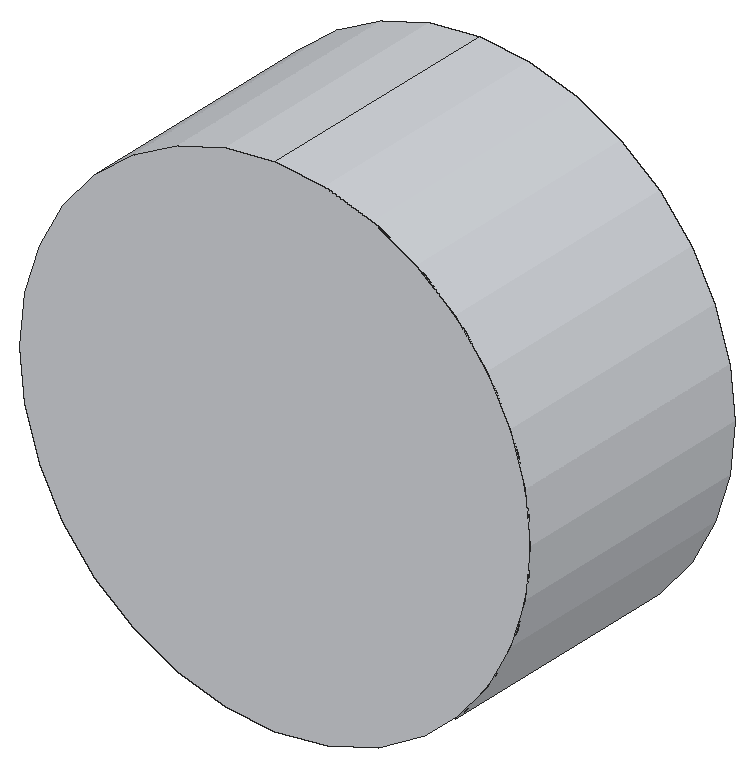
Revit family "UF-060-302_CE20ZA54", category Equipement spécialisé, Revit 2021
Family settings
  Cote de connecteur circulaire = Utiliser le diamètre
  Type d'élément = Normal
  Numéro OmniClass = 23.85.50.31.11
  Titre OmniClass = Door Entry Telephones
  Basée sur le plan de construction = Non
  Toujours verticalement = Oui
  Couper avec des vides une fois chargée = Non
  Partagée = Non
  Point de calcul de pièce = Non
Parameters (values of type "CLAVIER CODE")
  URL = "https://www.urmet.fr/clavier+22+codes+zamac+anthracite+ce20za54-6381"
  Modèle = "CE20ZA54"
  Fabricant = "URMET"
  Elévation par défaut = 0 mm
  Description = "CLAVIER CODE ZAMAK ANTHRACITE"
Reference planes
  plane 1 "Centre (avant/arrière)": y = 0
  plane 2: z = 0
  plane 3 "Centre (gauche/droite)": x = 0
Forms (mm)
  Extrusion 1, solid
    sketch origin (0, 0, 0) x (0, 0, 1) y (1, 0, 0)
      loop
        circle (0, 0) r 3.048
    from 0 to -3.048
Dimensions and locks
  aligned and locked: level to plane 2
Connectors
  electrical at (0, 0, 0)
    settings: on Extrusion 1, index 1, voltage 0 V, apparent load 0 VA, apparent load phase1 0 VA, apparent load phase2 0 VA, apparent load phase3 0 VA, power factor 1, load classification "Autre", number of poles 1, system type 12, power factor state 1, is connector primary yes, connector utility no, sub classification motor no, connector description ""
